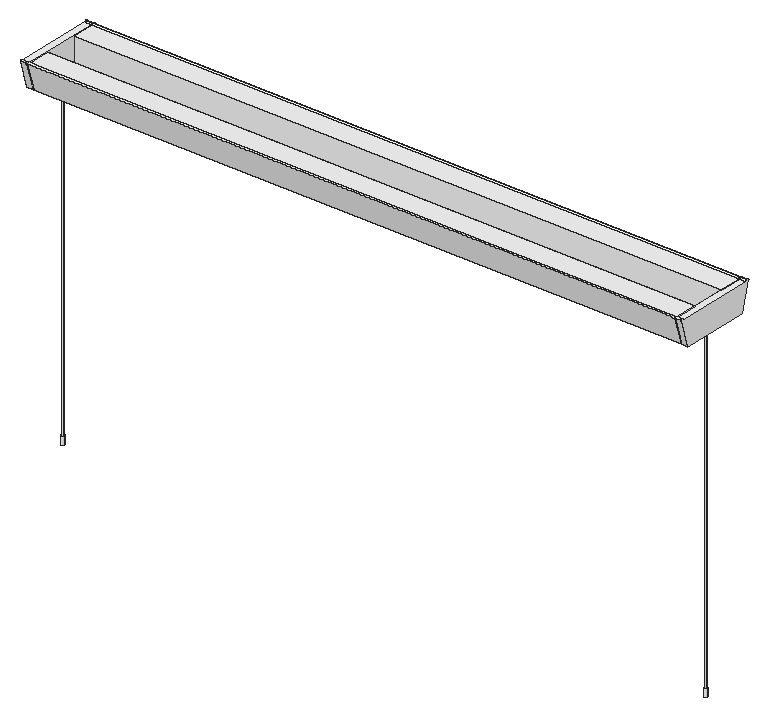
Revit family "SAE101-P", category Lighting Fixtures, host Face, Revit 2014
Parameters (values of type "SAE101-P-04")
  Wattage = 4 W
  Warranty = "5-Years Warranty"
  built-in parameter 1150110 = 1 (stored number, unit not read)
  Voltage = 120 V
  Type Comments = "Lighting Fixture"  # constant formula
  built-in parameter 1114217 = 1 (stored number, unit not read)
  Tilt Angle = -90.00°
  built-in parameter 1150109 = 1 (stored number, unit not read)
  built-in parameter 1150134 = (empty or 0)
  built-in parameter 1150113 = 1 (stored number, unit not read)
  Product Page URL = "https://www.hubbell.com/hubbelllightingci/en/Products/Lighting-Controls/Commercial-Indoor-Lighting/Pendant-Lighting/SAE101-Linear-Pendant-IndirectDirect/p/2328840"
  Product Documentation Link = "https://hubbellcdn.com/specsheet/sae101_pendant.pdf"
  Power Factor = 1
  Photometric Web File = "SAE101-P-ID-STD-4-SOF-CX-35K-I050-D040.ies"
  Photometric Notes = "More IES files download on Photometric Link"  # constant formula
  Photometric Link = "https://www.hubbell.com/hubbelllightingci/en/Products/Lighting-Controls/Commercial-Indoor-Lighting/Pendant-Lighting/SAE101-Linear-Pendant-IndirectDirect/p/2328840"
  Pendant Height [instance] = 2' - 0"
  zz Length 1 = 4' - 0"
  Wattage Comments = "133 Lumens/Watt"  # constant formula
  URL = "https://www.hubbell.com/litecontrol/en/"
  Mounting = "Pendant"  # constant formula
  Model = "SAE101"  # constant formula
  Manufacturer = "Litecontrol Lighting"  # constant formula
  built-in parameter 1150105 = 39.789 (stored number, unit not read)
  Lumens = 500 lm
  built-in parameter 1150115 = 1 (stored number, unit not read)
  Load Classification = Lighting
  built-in parameter 1150137 = (empty or 0)
  built-in parameter 1150139 = (empty or 0)
  built-in parameter 1150112 = 1 (stored number, unit not read)
  built-in parameter 1150114 = 1 (stored number, unit not read)
  Lamp = "LED"  # constant formula
  built-in parameter 1150132 = (empty or 0)
  built-in parameter 1150102 = (empty or 0)
  built-in parameter 1150107 = 3500 (stored number, unit not read)
  built-in parameter 1150138 = (empty or 0)
  built-in parameter 1150106 = 0.39789 (stored number, unit not read)
  Glass = Hubbell - White Glass
  Fixture Distribution = "Indirect/Direct"  # constant formula
  Emit from Rectangle Width = zz Length 1 - 0' 2"  # 3' - 10"
  Emit from Rectangle Length = 0' - 4"  # constant formula
  Emit Shape Visible in Rendering = no
  built-in parameter 1150104 = 11.613 (stored number, unit not read)
  Downlight Diffuser = "Soft Glow Lens"  # constant formula
  Dimming Lamp Color Temperature Shift = <None>
  Description = "Linear Pendant Indirect/Direct"  # constant formula
  Default Elevation = 4' - 0"
  Create Date = "04/27/2018"  # constant formula
  Copyright = "Copyright © 2018 Litecontrol"  # constant formula
  Contact Us = "https://www.hubbell.com/litecontrol/en/contactUs"
  Color Filter = 16777215
  built-in parameter 1114218 = 1 (stored number, unit not read)
  Housing Material = Paint - Hubbell - Matte White
  built-in parameter 1150133 = 10 (stored number, unit not read)
  Assembly Code = "D5020200"
  Apparent Load = 0 VA
Types (6): name | zz Length 1 | Emit from Rectangle Width
  (no name) | 4' - 0" | 3' - 10"
  SAE101-P-04 | 4' - 0" | 3' - 10"
  SAE101-P-02 | 2' - 0" | 1' - 10"
  SAE101-P-03 | 3' - 0" | 2' - 10"
  SAE101-P-06 | 6' - 0" | 5' - 10"
  SAE101-P-08 | 8' - 0" | 7' - 10"
Reference planes (in)
  plane 1 "Center (Front/Back)": y = 13.01342
  plane 2: z = 0
  plane 3 "Center (Left/Right)": x = 0
  plane 4: z = 24
  plane 5: x = -24
  plane 6: x = 24
  plane 7: x = -23.3125
  plane 8: x = 23.3125
  plane 9: z = 0.5
  plane 10: z = 25
Forms (in)
  Revolve 1, solid, material "Paint - Hubbell - Matte White" <- "Housing Material"
    sketch origin (-5.75, 13.01342, 0) x (-1, 0, 0) y (0, 0, 1)
      loop
        line (-29.0625, 24) -> (-29.0625, 0) -> (-28.9375, 0) -> (-28.9375, 0.5) -> (-29, 0.5) -> (-29, 23.5) -> (-28.9375, 23.5) -> (-28.9375, 24) -> (-29.0625, 24)
      axis (-29.0625, 24) -> (-29.0625, 0)
    angle from 0 to 360
  Revolve 2, solid, material "Paint - Hubbell - Matte White" <- "Housing Material"
    sketch origin (5.75, 13.01342, 0) x (1, 0, 0) y (0, 0, 1)
      loop
        line (-29.0625, 24) -> (-29.0625, 0) -> (-28.9375, 0) -> (-28.9375, 0.5) -> (-29, 0.5) -> (-29, 23.5) -> (-28.9375, 23.5) -> (-28.9375, 24) -> (-29.0625, 24)
      axis (-29.0625, 24) -> (-29.0625, 0)
    angle from 0 to 360
Dimensions and locks (in)
  "Pendant Height": plane 4 to level
  equal spacing: plane 6, plane 3 "Center (Left/Right)", plane 5
  "zz Length 1": plane 6 to plane 5
  locked: plane 9 to plane 2 at 0.5
  locked: plane 7 to plane 5 at 0.6875
  locked: plane 6 to plane 8 at 0.6875
  locked: plane 10 to plane 4 at 1
  aligned and locked: plane 2 to host face
  aligned and locked: level to host face
  aligned and locked: Revolve 1 sketch curve to Revolve 1 sketch curve
  aligned and locked: Revolve 1 sketch curve to plane 8
  aligned and locked: plane 4 to Revolve 1 sketch curve
  aligned and locked: Revolve 1 sketch curve to level
  aligned and locked: plane 3 "Center (Left/Right)" to nested 1
  aligned and locked: plane 1 "Center (Front/Back)" to nested 1
  aligned and locked: Revolve 2 sketch curve to Revolve 2 sketch curve
  aligned and locked: plane 9 to Revolve 2
  aligned and locked: Revolve 1 to plane 9
  aligned and locked: plane 10 to imposter light
  aligned and locked: plane 3 "Center (Left/Right)" to imposter light
Automatic sketch dimensions
  host sketch curve to host sketch curve = 8' - 0"  (x2)
  Revolve 1 sketch curve to plane 9 = 0' - 0"
  plane 8 to Revolve 1 sketch curve = 0' - 0 1/16"
  plane 8 to Revolve 1 sketch curve = 0' - 0 1/8"
  Revolve 1 sketch curve to Revolve 1 sketch curve = 0' - 0 1/16"
  Revolve 1 sketch curve to plane 9 = 0' - 0.66777"
  Revolve 1 sketch curve to Revolve 1 sketch curve = 0' - 9.83778"
  Revolve 2 sketch curve to plane 7 = 0' - 0"
  plane 9 to Revolve 2 sketch curve = 0' - 0"
  Revolve 2 sketch curve to level = 0' - 0"
  Revolve 2 sketch curve to plane 4 = 0' - 0"
  plane 7 to Revolve 2 sketch curve = 0' - 0 1/16"
  plane 7 to Revolve 2 sketch curve = 0' - 0 1/8"
  Revolve 2 sketch curve to Revolve 2 sketch curve = 0' - 0 1/16"
  plane 9 to Revolve 2 sketch curve = 0' - 0.66777"
  Revolve 2 sketch curve to Revolve 2 sketch curve = 0' - 9.83778"
  plane 4 to Revolve 1 sketch curve = 0' - 0 1/2"
  Revolve 2 sketch curve to plane 4 = 0' - 0 1/2"
Nested families (in)
  nested 1: "101-P" at (-0.01104, 12.97343, 24), Glass <- "Glass", Backbox <- "Housing Material", Length <- "zz Length 1", type "101-P"
    with Length 4' - 0", Glass Hubbell - White Glass, Backbox Paint - Hubbell - Matte White
Connectors (in)
  electrical at (0, 14.86045, 24), driven by "Load Classification", driven by "Voltage", driven by "Apparent Load", driven by "Power Factor"
    settings: on nested 1, index 1, voltage 120 V, apparent load 0 VA, apparent load phase1 0 VA, apparent load phase2 0 VA, apparent load phase3 0 VA, power factor 1, load classification "Lighting", number of poles 1, system type 30, power factor state 1, is connector primary yes, connector utility no, sub classification motor no, connector description "Electrical Connector"
Definition of nested family "101-P"
  Parameters (values of type "103-P")
    Wattage Comments = ""
    URL = ""
    Model = ""
    Manufacturer = ""
    Length [instance] = 4' - 0"
    Lamp = ""
    Glass [instance] = none
    Description = ""
    Default Elevation = 4' - 0"
    Backbox [instance] = none
    Apparent Load = 0 VA
  Reference planes (in)
    plane 1 "Center (Front/Back)": y = 0.03999
    plane 2: z = 0
    plane 3 "Center (Left/Right)": x = 0.01104
    plane 4: z = 2
    plane 5: z = 1.875
    plane 6: x = -23.98896
    plane 7: x = 24.01104
    plane 8: x = -23.48896
    plane 9: x = 23.51104
    plane 10: y = 1.28999
    plane 11: y = -1.21001
    plane 12: z = 0.125
    plane 13: y = -2.96001
    plane 14: y = 3.03999
    plane 15: y = 2.91499
    plane 16: y = -2.83501
  Forms (in)
    Extrusion 1, solid
      sketch origin (0, 0, 0.06357) x (1, 0, 0) y (0, 1, 0)
        loop
          line (-48, 48) -> (-48, -48) -> (48, -48) -> (48, 48) -> (-48, 48)
      from -0.06357 to -12.81105
    Extrusion 2, solid, material <- "Backbox"
      sketch origin (23.51104, -180, 29.46954) x (0, 0, 1) y (0, -1, 0)
        loop
          line (-29.46954, -182.48405) -> (-27.54897, -183.03835)
          arc (-27.54897, -183.03835) -> (-27.47937, -183.01257) -> (-27.48349, -182.93845) r 0.0625
          line (-27.48349, -182.93845) -> (-27.55342, -182.85397) -> (-27.55342, -177.22601) -> (-27.48349, -177.14153)
          arc (-27.48349, -177.14153) -> (-27.47937, -177.06742) -> (-27.54897, -177.04163) r 0.0625
          line (-27.54897, -177.04163) -> (-29.46954, -177.59593) -> (-29.46954, -182.48405)
      from 0 to 0.5
    Extrusion 3, solid, material <- "Backbox"
      sketch origin (-23.48896, -180, 28.85133) x (0, 0, 1) y (0, -1, 0)
        loop
          line (-28.85133, -182.48405) -> (-26.93076, -183.03835)
          arc (-26.93076, -183.03835) -> (-26.86116, -183.01257) -> (-26.86528, -182.93845) r 0.0625
          line (-26.86528, -182.93845) -> (-26.93521, -182.85397) -> (-26.93521, -177.22601) -> (-26.86528, -177.14153)
          arc (-26.86528, -177.14153) -> (-26.86116, -177.06742) -> (-26.93076, -177.04163) r 0.0625
          line (-26.93076, -177.04163) -> (-28.85133, -177.59593) -> (-28.85133, -182.48405)
      from 0 to -0.5
    Extrusion 4, solid, material <- "Glass"
      sketch origin (-23.78896, 8.13374, 2) x (0, -1, 0) y (1, 0, 0)
        loop
          line (6.84375, 0.3) -> (9.34375, 0.3) -> (9.34375, 47.3) -> (6.84375, 47.3) -> (6.84375, 0.3)
      from -0.125 to -1.875
    Extrusion 5, solid, material <- "Backbox"
      sketch origin (0.01104, 0, 0) x (0, 1, 0) y (0, 0, 1)
        loop
          line (2.48405, 0) -> (3.03835, 1.92057)
          arc (3.03835, 1.92057) -> (3.01257, 1.99018) -> (2.93845, 1.98605) r 0.0625
          line (2.93845, 1.98605) -> (2.85397, 1.91613) -> (1.28999, 1.91613) -> (1.28999, 0) -> (2.48405, 0)
        loop
          line (-2.40407, 0) -> (-1.21001, 0) -> (-1.21001, 1.91613) -> (-2.77399, 1.91613) -> (-2.85847, 1.98605)
          arc (-2.85847, 1.98605) -> (-2.93258, 1.99018) -> (-2.95837, 1.92057) r 0.0625
          line (-2.95837, 1.92057) -> (-2.40407, 0)
      from -23.5 to 23.5
  Cuts and joins
    joined: Extrusion 2, Extrusion 3
  Dimensions and locks (in)
    plane 4 to Extrusion 1 = 0' - 2"
    "Length": plane 7 to plane 6
    locked: plane 8 to plane 6 at 0.5
    locked: plane 7 to plane 9 at 0.5
    equal spacing: plane 7, plane 3 "Center (Left/Right)", plane 6
    locked: plane 12 to Extrusion 1 at 0.125
    plane 10 to plane 11 = 0' - 2 1/2"
    equal spacing: plane 10, plane 1 "Center (Front/Back)", plane 11
    locked: plane 14 to plane 15 at 0.125
    locked: plane 16 to plane 13 at 0.125
    plane 13 to plane 14 = 0' - 6"
    plane 13 to plane 1 "Center (Front/Back)" = 0' - 3"
    equal spacing: plane 14, plane 1 "Center (Front/Back)", plane 13
    locked: plane 4 to plane 5 at 0.125
    aligned and locked: plane 2 to Extrusion 1
    aligned and locked: plane 7 to cut or joined group of Extrusion 2, Extrusion 3
    aligned and locked: cut or joined group of Extrusion 2, Extrusion 3 to plane 6
    aligned and locked: Extrusion 5 to plane 8
    aligned and locked: plane 9 to Extrusion 5
    aligned and locked: plane 10 to Extrusion 4 sketch curve
    aligned and locked: plane 11 to Extrusion 4 sketch curve
    aligned and locked: Extrusion 3 to Extrusion 4
    aligned and locked: Extrusion 2 to Extrusion 4
    aligned and locked: Extrusion 2 to plane 9
    aligned and locked: plane 5 to Extrusion 4
    aligned and locked: plane 8 to Extrusion 3
    aligned and locked: Extrusion 5 sketch curve to plane 10
    aligned and locked: plane 2 to Extrusion 5 sketch curve
    aligned and locked: Extrusion 5 sketch curve to plane 2
    aligned and locked: plane 11 to Extrusion 5 sketch curve
  Automatic sketch dimensions
    Extrusion 1 sketch curve to Extrusion 1 sketch curve = 8' - 0"  (x2)
    plane 8 to Extrusion 4 sketch curve = 0' - 0"
    Extrusion 4 sketch curve to plane 9 = 0' - 0"
    plane 16 to Extrusion 5 sketch curve = 0' - 0.43094"
    plane 16 to Extrusion 5 sketch curve = 0' - 0.06102"
    Extrusion 5 sketch curve to plane 16 = 0' - 0.02346"
    Extrusion 5 sketch curve to plane 13 = 0' - 0.06169"
    Extrusion 5 sketch curve to plane 13 = 0' - 0.00164"
    plane 15 to Extrusion 5 sketch curve = 0' - 0.43094"
    plane 15 to Extrusion 5 sketch curve = 0' - 0.06102"
    Extrusion 5 sketch curve to plane 15 = 0' - 0.02346"
    Extrusion 5 sketch curve to plane 14 = 0' - 0.06169"
    Extrusion 5 sketch curve to plane 14 = 0' - 0.00164"
    plane 5 to Extrusion 5 sketch curve = 0' - 0.04113"  (x2)
    plane 5 to Extrusion 5 sketch curve = 0' - 0.04557"  (x2)
    Extrusion 5 sketch curve to plane 4 = 0' - 0.0621"  (x2)
    Extrusion 3 sketch curve to plane 14 = 0' - 0.00164"
    plane 5 to Extrusion 3 sketch curve = 0' - 0.04557"  (x2)
    plane 15 to Extrusion 3 sketch curve = 0' - 0.43094"
    Extrusion 3 sketch curve to plane 13 = 0' - 0.00164"
    plane 16 to Extrusion 3 sketch curve = 0' - 0.43094"
    plane 15 to Extrusion 3 sketch curve = 0' - 0.06102"
    Extrusion 3 sketch curve to plane 4 = 0' - 0.01395"  (x2)
    Extrusion 3 sketch curve to plane 15 = 0' - 0.02346"
    Extrusion 3 sketch curve to plane 14 = 0' - 0.06169"
    Extrusion 3 sketch curve to plane 16 = 0' - 0.02346"
    plane 16 to Extrusion 3 sketch curve = 0' - 0.06102"
    Extrusion 3 sketch curve to plane 13 = 0' - 0.06169"
    Extrusion 3 sketch curve to level = 0' - 0"
    plane 5 to Extrusion 3 sketch curve = 0' - 0.04113"
    Extrusion 2 sketch curve to level = 0' - 0"
    plane 15 to Extrusion 2 sketch curve = 0' - 0.43094"
    Extrusion 2 sketch curve to plane 14 = 0' - 0.00164"
    plane 5 to Extrusion 2 sketch curve = 0' - 0.04557"  (x2)
    plane 16 to Extrusion 2 sketch curve = 0' - 0.43094"
    Extrusion 2 sketch curve to plane 13 = 0' - 0.00164"
    plane 5 to Extrusion 2 sketch curve = 0' - 0.04113"
    plane 15 to Extrusion 2 sketch curve = 0' - 0.06102"
    Extrusion 2 sketch curve to plane 4 = 0' - 0.01395"  (x2)
    Extrusion 2 sketch curve to plane 15 = 0' - 0.02346"
    plane 16 to Extrusion 2 sketch curve = 0' - 0.06102"
    Extrusion 2 sketch curve to plane 14 = 0' - 0.06169"
    Extrusion 2 sketch curve to plane 16 = 0' - 0.02346"
    Extrusion 2 sketch curve to plane 13 = 0' - 0.06169"
